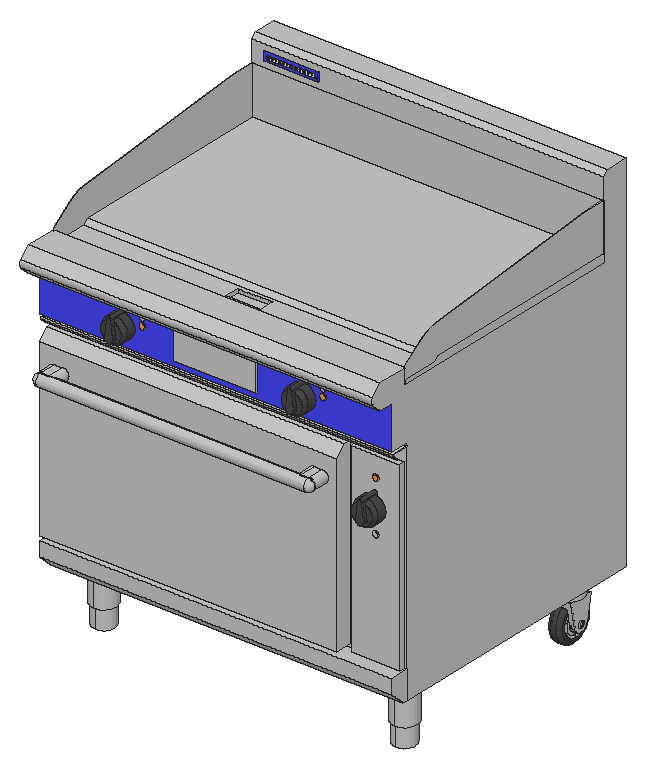
Revit family "QF_MOFFAT_BLUESEAL_CE_GPE506", category Specialty Equipment, Revit 2012
Parameters
  Width = 900 mm
  Weight in Pounds = 336  # constant formula
  Watts = 6500 W
  Volts = 400 V
  URL Cutsheet = "www.moffat.com"
  URL = "www.moffat.com"
  Type Mark [instance] = ""
  Status [instance] = ""
  Specification by User [instance] = ""
  Specification by Manufacturer = ""
  Show Logo [instance] = yes
  Show Clearance [instance] = yes
  Show Casters [instance] = yes
  Serial Number = ""
  Seismic Rating = ""
  SMACNA No = ""
  Revision Code [instance] = ""
  Phase = 3
  Omniclass Number and Title = ""
  Number of Poles [instance] = 1
  NAFEM Spec ID Number = ""
  Model = "GPE506"
  Min Ckt Ampacity = 0 A
  Mechanical Remarks = ""
  Mechanical Connection Type = ""
  Max Overcurrent Protection = 0 A
  Masterspec = ""
  Manufacturer = "MOFFAT BLUESEAL"
  Legs [instance] = no
  Item Number [instance] = ""
  Installed By [instance] = ""
  Identify Quantity as Lot [instance] = yes
  Height = 1085 mm
  HP = ""
  Gas Size = 3/4"
  Gas RI Height [instance] = 0 mm
  Gas KW = 23
  Gas Input = 78500.0 Btu/h
  Gas Connection Height = 0 mm
  Furnished By [instance] = ""
  Foodservice Equipment Identifier [instance] = yes
  FL Amps = 9.4 A
  Electrical Remarks [instance] = "9.4A PER PHASE"
  Electric Connection Type [instance] = ""
  Elec Conn RI Height [instance] = 0 mm
  Elec Conn Connection Height [instance] = 0 mm
  Description = "900MM GAS RANGE AND ELECTRIC STATIC WITH CONVECTION OVEN"
  Depth = 812 mm
  Cycle = 50 Hz
  Conn Plug = ""
  Conn Conduit = yes
  CSI MasterFormat = ""
  CSI Master Format = ""
  Body Finish = QF_Finishes_Stainless Steel
  Apparent Power = if(Phase = 3, Volts * FL Amps * 1.73, Volts * FL Amps)  # 6504.8 VA
Reference planes
  plane 1 "BACK": y = 0
  plane 2: z = 0
  plane 3 "LEFT": x = 0
  plane 4 "RIGHT": x = 900
  plane 5 "FRONT": y = -812
  plane 6 "TOP": z = 970
  plane 7 "Center Y": x = 450
  plane 8 "Center X": y = -406
  plane 9: x = 280
  plane 10: x = 834.5
  plane 11: y = -32
  plane 12: z = 1085
  plane 13: z = 150
  plane 14: z = 740
  plane 15: x = 65.5
  plane 16: y = -100
  plane 17: y = -625
Forms (mm)
  Extrusion 1, solid, material "QF_Finishes_Stainless Steel" <- "Body Finish"
    sketch origin (0, 0, 0) x (0, 1, 0) y (0, 0, 1)
      loop
        line (0, 150) -> (0, 1085) -> (-58.9, 1085) -> (-70, 1073.9) -> (-70, 876.94) -> (-704.45, 876.94) -> (-704.45, 915) -> (-784.74, 915) -> (-808.31, 891.429)
        arc (-808.31, 891.429) -> (-812.002, 882.517) -> (-808.31, 873.604) r 12.604
        line (-808.31, 873.604) -> (-785.265, 850.559) -> (-748.2, 850.559) -> (-748.2, 740.5) -> (-699.05, 740.5) -> (-699.05, 150) -> (0, 150)
      loop
        line (-700.429, 732.9) -> (-743.335, 732.9)
        arc (-743.335, 732.9) -> (-745.599, 731.388) -> (-745.068, 728.718) r 2.45
        line (-745.068, 728.718) -> (-730.865, 714.515) -> (-730.158, 715.222) -> (-744.36, 729.425)
        arc (-744.36, 729.425) -> (-744.675, 731.005) -> (-743.335, 731.9) r 1.45
        line (-743.335, 731.9) -> (-700.429, 731.9) -> (-700.429, 732.9)
      loop
        line (-713.1, 150) -> (-699.5, 150) -> (-699.5, 221.7) -> (-748.5, 221.7) -> (-748.5, 185.4) -> (-713.1, 150)
    from 0 to 900
  Extrusion 2, solid, material "QF_Finishes_Stainless Steel"
    sketch origin (0, 0, 0) x (0, 1, 0) y (0, 0, 1)
      loop
        line (-724.715, 700.925) -> (-748.715, 676.925) -> (-748.715, 233.675) -> (-708.715, 233.675) -> (-708.715, 700.925) -> (-724.715, 700.925)
    from 0 to 760
  Extrusion 3, solid, material "QF_Finishes_Stainless Steel"
    sketch origin (723.5, 0, 0) x (0, 1, 0) y (0, 0, 1)
      loop
        line (-708.715, 700) -> (-721, 700) -> (-721, 227.5) -> (-708.715, 227.5) -> (-708.715, 700)
    from 51.5 to 176.5
  Revolve 4, solid, material "QF_Finishes_Stainless Steel" <- "Body Finish"
    sketch origin (834.5, -696.126, 0) x (0, 1, 0) y (0, 0, -1)
      loop
        line (39.376, -150) -> (71.126, -150) -> (71.126, 0) -> (43.626, 0) -> (43.626, -50) -> (39.376, -50) -> (39.376, -150)
      axis (71.126, -150) -> (71.126, 0)
    angle from 0 to 360
  Revolve 5, solid, material "QF_Finishes_Stainless Steel" <- "Body Finish"
    sketch origin (65.5, -696.126, 0) x (0, 1, 0) y (0, 0, 1)
      loop
        line (39.376, 150) -> (39.376, 50) -> (43.626, 50) -> (43.626, 0) -> (71.126, 0) -> (71.126, 150) -> (39.376, 150)
      axis (71.126, 150) -> (71.126, 0)
    angle from 0 to 360
  Extrusion 6, solid, material "QF_Finishes_Stainless Steel"
    sketch origin (0, 0, 740) x (0, 1, 0) y (1, 0, 0)
      loop
        circle (-32, 770) r 10
    from 0 to -3
  Revolve 7, solid, material "QF_Finishes_Black"
    sketch origin (837.495, 73.874, -213.6) x (0, 1, 0) y (0, 0, 1)
      loop
        line (-827.874, 829.5) -> (-838.874, 823.651) -> (-838.874, 797) -> (-794.874, 797) -> (-794.874, 802) -> (-804.874, 802) -> (-804.874, 829.5) -> (-827.874, 829.5)
      axis (-838.874, 797) -> (-794.874, 797)
    angle from 0 to 360
  Extrusion 8, solid, material "QF_Finishes_Black"
    sketch origin (689.688, 35, -213.6) x (1, 0, 0) y (0, 0, 1)
      loop
        line (158.226, 786.195) -> (152.806, 829.113)
        arc (152.806, 829.113) -> (147.807, 834) -> (142.808, 829.113) r 5
        line (142.808, 829.113) -> (137.319, 785.028)
        arc (137.319, 785.028) -> (148.391, 774.529) -> (158.226, 786.195) r 10.487
    from 759 to 808
  Extrusion 9, solid, material "QF_Door-Drawer Clearances", visible <- "Show Clearance", detail levels coarse
    sketch origin (0, 0, 0) x (0, -1, 0) y (0, 0, 1)
      loop
        line (748.715, 703.522) -> (748.715, 233.675) -> (1218.562, 233.675)
        arc (1218.562, 233.675) -> (1080.947, 565.907) -> (748.715, 703.522) r 469.847
    from 0 to -760
  Extrusion 10, void
    sketch origin (0, 0, 222.5) x (1, 0, 0) y (0, 1, 0)
      loop
        line (824, -87) -> (824, 0) -> (694, 0) -> (694, -39) -> (744, -87) -> (824, -87)
    from 0 to 517.5
  Extrusion 11, solid, material "QF_Finishes_Stainless Steel"
    sketch origin (0, -749, 227.5) x (0, 0, 1) y (-1, 0, 0)
      loop
        line (380.625, -38.246) -> (380.625, -58.528)
        arc (380.625, -58.528) -> (395.625, -73.528) -> (410.625, -58.528) r 15
        line (410.625, -58.528) -> (410.625, -38.246)
        arc (410.625, -38.246) -> (395.625, -23.246) -> (380.625, -38.246) r 15
      loop
        arc (380.625, -723.039) -> (395.625, -738.039) -> (410.625, -723.039) r 15
        line (410.625, -723.039) -> (410.625, -702.757)
        arc (410.625, -702.757) -> (395.625, -687.757) -> (380.625, -702.757) r 15
        line (380.625, -702.757) -> (380.625, -723.039)
    from 0 to 44
  Revolve 12, solid, material "QF_Finishes_Stainless Steel"
    sketch origin (0, -793, 0) x (1, 0, 0) y (0, 0, 1)
      loop
        arc (738.039, 623.125) -> (733.646, 633.732) -> (723.039, 638.125) r 15
        line (723.039, 638.125) -> (38.246, 638.125)
        arc (38.246, 638.125) -> (27.64, 633.732) -> (23.246, 623.125) r 15
        line (23.246, 623.125) -> (738.039, 623.125)
      axis (738.039, 623.125) -> (23.246, 623.125)
    angle from 0 to 360
  Revolve 13, solid, material "QF_Finishes_Black"
    sketch origin (217.5, 14.8, 598.3) x (0, 1, 0) y (0, 0, -1)
      loop
        line (-796, -229.5) -> (-773, -229.5) -> (-773, -202) -> (-763, -202) -> (-763, -197) -> (-807, -197) -> (-807, -223.651) -> (-796, -229.5)
      axis (-807, -197) -> (-763, -197)
    angle from 0 to 360
  Extrusion 14, solid, material "QF_Finishes_Black"
    sketch origin (355.77, 7.8, 598.458) x (-1, 0, 0) y (0, 0, -1)
      loop
        line (127.85, -186.037) -> (133.271, -228.955)
        arc (133.271, -228.955) -> (138.27, -233.842) -> (143.268, -228.955) r 5
        line (143.268, -228.955) -> (148.757, -184.87)
        arc (148.757, -184.87) -> (137.685, -174.371) -> (127.85, -186.037) r 10.487
    from 759 to 808
  Extrusion 15, solid, material "QF_Finishes_Stainless Steel"
    sketch origin (-295, -748.2, 866) x (0, 0, -1) y (1, 0, 0)
      loop
        line (24, 640) -> (110.5, 640) -> (110.5, 850) -> (24, 850) -> (24, 640)
    from 0 to 2.5
  Extrusion 16, solid, material "QF_Finishes_Stainless Steel"
    sketch origin (-295, -750.7, 866) x (0, 0, -1) y (1, 0, 0)
      loop
        line (31, 850) -> (24, 850) -> (24, 640) -> (31, 640) -> (31, 850)
    from 0 to 5
  Revolve 17, solid, material "QF_Finishes_Black"
    sketch origin (680.116, 14.8, 598.3) x (0, 1, 0) y (0, 0, 1)
      loop
        line (-796, 229.5) -> (-807, 223.651) -> (-807, 197) -> (-763, 197) -> (-763, 202) -> (-773, 202) -> (-773, 229.5) -> (-796, 229.5)
      axis (-807, 197) -> (-763, 197)
    angle from 0 to 360
  Extrusion 18, solid, material "QF_Finishes_Black"
    sketch origin (541.846, 7.8, 598.458) x (1, 0, 0) y (0, 0, 1)
      loop
        line (148.689, 186.037) -> (143.268, 228.955)
        arc (143.268, 228.955) -> (138.27, 233.842) -> (133.271, 228.955) r 5
        line (133.271, 228.955) -> (127.782, 184.87)
        arc (127.782, 184.87) -> (138.854, 174.371) -> (148.689, 186.037) r 10.487
    from 759 to 808
  Extrusion 19, solid, material "QF_Finishes_Orange"
    sketch origin (0, -748.2, 866) x (0, 0, -1) y (1, 0, 0)
      loop
        circle (60.7, 725.121) r 7.15
      loop
        circle (60.7, 262.505) r 7.15
    from 0 to 1
  Extrusion 20, solid, material "QF_Finishes_Stainless Steel"
    sketch origin (0, -748.2, 866) x (0, 0, -1) y (1, 0, 0)
      loop
        circle (40.7, 725.121) r 7.15
      loop
        circle (40.7, 262.505) r 7.15
    from 0 to 1
  Revolve 21, solid, material "QF_Finishes_Stainless Steel", visible <- "Legs"
    sketch origin (834.5, -210, 0) x (0, 1, 0) y (0, 0, -1)
      loop
        line (78.25, -150) -> (110, -150) -> (110, 0) -> (82.5, 0) -> (82.5, -50) -> (78.25, -50) -> (78.25, -150)
      axis (110, -150) -> (110, 0)
    angle from 0 to 360
  Revolve 22, solid, material "QF_Finishes_Stainless Steel", visible <- "Legs"
    sketch origin (65, -210, 0) x (0, 1, 0) y (0, 0, -1)
      loop
        line (78.25, -150) -> (110, -150) -> (110, 0) -> (82.5, 0) -> (82.5, -50) -> (78.25, -50) -> (78.25, -150)
      axis (110, -150) -> (110, 0)
    angle from 0 to 360
  Revolve 23, solid, material "QF_Finishes_Stainless Steel", visible <- "Legs"
    sketch origin (65.5, -166, 0) x (0, 1, 0) y (0, 0, 1)
      loop
        line (34.25, 150) -> (34.25, 50) -> (38.5, 50) -> (38.5, 0) -> (66, 0) -> (66, 150) -> (34.25, 150)
      axis (66, 150) -> (66, 0)
    angle from 0 to 360
  Revolve 24, solid, material "QF_Finishes_Stainless Steel", visible <- "Legs"
    sketch origin (835, -166, 0) x (0, 1, 0) y (0, 0, -1)
      loop
        line (34.25, -150) -> (66, -150) -> (66, 0) -> (38.5, 0) -> (38.5, -50) -> (34.25, -50) -> (34.25, -150)
      axis (66, -150) -> (66, 0)
    angle from 0 to 360
  Revolve 25, solid, material "QF_Finishes_Stainless Steel", visible <- "Show Casters"
    sketch origin (16.276, -100.755, -13.653) x (1, 0, 0) y (0, 0, 1)
      loop
        line (14.841, 63.604) -> (83.584, 63.604) -> (83.584, 67.109) -> (82.314, 68.379) -> (80.79, 68.379) -> (80.79, 71.826) -> (68.644, 71.826) -> (68.644, 81.79) -> (65.088, 83.843) -> (63.738, 92.179) -> (65.881, 92.179) -> (65.881, 98.529) -> (65.088, 98.529) -> (65.088, 104.879)
        arc (65.088, 104.879) -> (62.298, 111.614) -> (55.563, 114.404) r 9.525
        line (55.563, 114.404) -> (42.863, 114.404)
        arc (42.863, 114.404) -> (36.127, 111.614) -> (33.338, 104.879) r 9.525
        line (33.338, 104.879) -> (33.338, 98.529) -> (32.544, 98.529) -> (32.544, 92.179) -> (34.687, 92.179) -> (33.352, 83.932) -> (29.782, 81.871) -> (29.782, 71.826) -> (17.635, 71.826) -> (17.635, 68.379) -> (16.111, 68.379) -> (14.841, 67.109) -> (14.841, 63.604)
      axis (14.841, 63.604) -> (83.584, 63.604)
    angle from 0 to 360
  Extrusion 26, solid, material "QF_Finishes_Stainless Steel", visible <- "Show Casters"
    sketch origin (72.001, 132.353, -8.783) x (0, 1, 0) y (0, 0, 1)
      loop
        line (-200.603, 118.783) -> (-264.103, 118.783) -> (-251.746, 53.895)
        arc (-251.746, 53.895) -> (-232.353, 38.783) -> (-212.959, 53.895) r 20
        line (-212.959, 53.895) -> (-200.603, 118.783)
    from -35.667 to 22.923
  Revolve 27, solid, material "QF_Finishes_Stainless Steel", visible <- "Show Casters"
    sketch origin (65.5, -204, 0) x (0, 1, 0) y (0, 0, 1)
      loop
        line (68.25, 150) -> (68.25, 110) -> (104, 110) -> (104, 150) -> (68.25, 150)
      axis (104, 150) -> (104, 110)
    angle from 0 to 360
  Revolve 28, solid, material "QF_Finishes_Stainless Steel", visible <- "Legs"
    sketch origin (65.5, -166, 0) x (0, 1, 0) y (0, 0, 1)
      loop
        line (34.25, 150) -> (34.25, 50) -> (38.5, 50) -> (38.5, 0) -> (66, 0) -> (66, 150) -> (34.25, 150)
      axis (66, 150) -> (66, 0)
    angle from 0 to 360
  Extrusion 29, solid, material "QF_Finishes_Stainless Steel", visible <- "Show Casters"
    sketch origin (841.501, 132.353, -8.783) x (0, 1, 0) y (0, 0, 1)
      loop
        line (-200.603, 118.783) -> (-264.103, 118.783) -> (-251.746, 53.895)
        arc (-251.746, 53.895) -> (-232.353, 38.783) -> (-212.959, 53.895) r 20
        line (-212.959, 53.895) -> (-200.603, 118.783)
    from -35.667 to 22.923
  Revolve 30, solid, material "QF_Finishes_Stainless Steel", visible <- "Show Casters"
    sketch origin (835, -204, 0) x (0, 1, 0) y (0, 0, 1)
      loop
        line (68.25, 150) -> (68.25, 110) -> (104, 110) -> (104, 150) -> (68.25, 150)
      axis (104, 150) -> (104, 110)
    angle from 0 to 360
  Revolve 31, solid, material "QF_Finishes_Stainless Steel", visible <- "Show Casters"
    sketch origin (786.276, -100.755, -13.653) x (1, 0, 0) y (0, 0, 1)
      loop
        line (14.841, 63.604) -> (83.584, 63.604) -> (83.584, 67.109) -> (82.314, 68.379) -> (80.79, 68.379) -> (80.79, 71.826) -> (68.644, 71.826) -> (68.644, 81.79) -> (65.088, 83.843) -> (63.738, 92.179) -> (65.881, 92.179) -> (65.881, 98.529) -> (65.088, 98.529) -> (65.088, 104.879)
        arc (65.088, 104.879) -> (62.298, 111.614) -> (55.563, 114.404) r 9.525
        line (55.563, 114.404) -> (42.863, 114.404)
        arc (42.863, 114.404) -> (36.127, 111.614) -> (33.338, 104.879) r 9.525
        line (33.338, 104.879) -> (33.338, 98.529) -> (32.544, 98.529) -> (32.544, 92.179) -> (34.687, 92.179) -> (33.352, 83.932) -> (29.782, 81.871) -> (29.782, 71.826) -> (17.635, 71.826) -> (17.635, 68.379) -> (16.111, 68.379) -> (14.841, 67.109) -> (14.841, 63.604)
      axis (14.841, 63.604) -> (83.584, 63.604)
    angle from 0 to 360
  Extrusion 32, solid, material "QF_Finishes_Stainless Steel"
    sketch origin (723.5, -721, 700) x (0, 0, -1) y (1, 0, 0)
      loop
        circle (181.6, 114) r 7.15
    from 0 to 1
  Extrusion 33, solid, material "QF_Finishes_Orange"
    sketch origin (723.5, -721, 700) x (0, 0, -1) y (1, 0, 0)
      loop
        circle (51.6, 114) r 7.15
    from 0 to 1
  Extrusion 34, solid, material "QF_Finishes_Stainless Steel"
    sketch origin (0, -703.73, 150) x (1, 0, 0) y (0, -1, 0)
      loop
        circle (875, -245.73) r 9.5
      loop
        circle (831, -219.73) r 9.5
    from 0 to 1
Cuts and joins
  Extrusion 10 cuts Extrusion 1
Lines and regions (mm)
  Split face 1
    outline origin (900, 0, 1085) x (-1, 0, 0) y (0, -1, 0)
      loop
        arc (44, 45.385) -> (35.34, 40.385) -> (35.34, 30.385) r 10
        line (35.34, 30.385) -> (39.381, 23.385)
        arc (39.381, 23.385) -> (43.041, 19.725) -> (48.041, 18.385) r 10
        line (48.041, 18.385) -> (276, 18.385)
        arc (276, 18.385) -> (284.66, 23.385) -> (284.66, 33.385) r 10
        line (284.66, 33.385) -> (280.619, 40.385)
        arc (280.619, 40.385) -> (276.959, 44.045) -> (271.959, 45.385) r 10
        line (271.959, 45.385) -> (44, 45.385)
  Split face 2
    outline origin (900, 0, 1085) x (-1, 0, 0) y (0, -1, 0)
      loop
        arc (334, 45.385) -> (325.34, 40.385) -> (325.34, 30.385) r 10
        line (325.34, 30.385) -> (329.381, 23.385)
        arc (329.381, 23.385) -> (333.041, 19.725) -> (338.041, 18.385) r 10
        line (338.041, 18.385) -> (566, 18.385)
        arc (566, 18.385) -> (574.66, 23.385) -> (574.66, 33.385) r 10
        line (574.66, 33.385) -> (570.619, 40.385)
        arc (570.619, 40.385) -> (566.959, 44.045) -> (561.959, 45.385) r 10
        line (561.959, 45.385) -> (334, 45.385)
  Split face 3
    outline origin (900, 0, 1085) x (-1, 0, 0) y (0, -1, 0)
      loop
        arc (624, 45.385) -> (615.34, 40.385) -> (615.34, 30.385) r 10
        line (615.34, 30.385) -> (619.381, 23.385)
        arc (619.381, 23.385) -> (623.041, 19.725) -> (628.041, 18.385) r 10
        line (628.041, 18.385) -> (856, 18.385)
        arc (856, 18.385) -> (864.66, 23.385) -> (864.66, 33.385) r 10
        line (864.66, 33.385) -> (860.619, 40.385)
        arc (860.619, 40.385) -> (856.959, 44.045) -> (851.959, 45.385) r 10
        line (851.959, 45.385) -> (624, 45.385)
  symbolic lines, style "QF_Door-Drawer Clearances", visible <- "Show Clearance"
    curve 1: line (0, -1218.562, 0) -> (0, -812, 0)
    curve 2: line (0, -1218.562, 0) -> (760, -1218.562, 0)
    curve 3: line (760, -1218.562, 0) -> (760, -812, 0)
  symbolic lines, style "SpecialityEquipmentHiddenLines", visible <- "Show Casters"
    curve 4: line (78.456, -46.735, 0) -> (105.952, -62.61, 0)
    curve 5: line (27.656, -134.723, 0) -> (78.456, -46.735, 0)
    curve 6: line (55.152, -150.598, 0) -> (27.656, -134.723, 0)
    curve 7: line (105.952, -62.61, 0) -> (55.152, -150.598, 0)
    curve 8: line (824.652, -150.598, 0) -> (797.156, -134.723, 0)
    curve 9: line (875.452, -62.61, 0) -> (824.652, -150.598, 0)
    curve 10: line (847.956, -46.735, 0) -> (797.156, -134.723, 0)
    curve 11: line (875.452, -62.61, 0) -> (847.956, -46.735, 0)
  symbolic lines
    curve 12: line (44, -18.385, 0) -> (271.959, -18.385, 0)
    curve 13: arc (271.959, -18.385, 0) -> (276.959, -19.725, 0) -> (280.619, -23.385, 0) r 10
    curve 14: line (280.619, -23.385, 0) -> (284.66, -30.385, 0)
    curve 15: arc (284.66, -30.385, 0) -> (284.66, -40.385, 0) -> (276, -45.385, 0) r 10
    curve 16: line (276, -45.385, 0) -> (48.041, -45.385, 0)
    curve 17: arc (48.041, -45.385, 0) -> (43.041, -44.045, 0) -> (39.381, -40.385, 0) r 10
    curve 18: line (39.381, -40.385, 0) -> (35.34, -33.385, 0)
    curve 19: arc (35.34, -33.385, 0) -> (35.34, -23.385, 0) -> (44, -18.385, 0) r 10
    curve 20: line (334, -18.385, 0) -> (561.959, -18.385, 0)
    curve 21: arc (561.959, -18.385, 0) -> (566.959, -19.725, 0) -> (570.619, -23.385, 0) r 10
    curve 22: line (570.619, -23.385, 0) -> (574.66, -30.385, 0)
    curve 23: arc (574.66, -30.385, 0) -> (574.66, -40.385, 0) -> (566, -45.385, 0) r 10
    curve 24: line (566, -45.385, 0) -> (338.041, -45.385, 0)
    curve 25: arc (338.041, -45.385, 0) -> (333.041, -44.045, 0) -> (329.381, -40.385, 0) r 10
    curve 26: line (329.381, -40.385, 0) -> (325.34, -33.385, 0)
    curve 27: arc (325.34, -33.385, 0) -> (325.34, -23.385, 0) -> (334, -18.385, 0) r 10
    curve 28: line (851.959, -18.385, 0) -> (624, -18.385, 0)
    curve 29: arc (624, -18.385, 0) -> (615.34, -23.385, 0) -> (615.34, -33.385, 0) r 10
    curve 30: line (615.34, -33.385, 0) -> (619.381, -40.385, 0)
    curve 31: arc (619.381, -40.385, 0) -> (623.041, -44.045, 0) -> (628.041, -45.385, 0) r 10
    curve 32: line (628.041, -45.385, 0) -> (856, -45.385, 0)
    curve 33: arc (856, -45.385, 0) -> (864.66, -40.385, 0) -> (864.66, -30.385, 0) r 10
    curve 34: line (864.66, -30.385, 0) -> (860.619, -23.385, 0)
    curve 35: arc (860.619, -23.385, 0) -> (856.959, -19.725, 0) -> (851.959, -18.385, 0) r 10
    curve 36: line (900, 0, 0) -> (0, 0, 0)
    curve 37: line (0, 0, 0) -> (0, -812, 0)
    curve 38: line (900, -812, 0) -> (900, 0, 0)
    curve 39: line (0, -784.7, 0) -> (900, -784.7, 0)
    curve 40: line (0, -812, 0) -> (900, -812, 0)
    curve 41: line (0, -58.9, 0) -> (900, -58.9, 0)
    curve 42: line (0, -70, 0) -> (900, -70, 0)
Dimensions and locks
  equal spacing: plane 3 "LEFT", plane 7 "Center Y", plane 4 "RIGHT"
  "Width": plane 3 "LEFT" to plane 4 "RIGHT"
  equal spacing: plane 5 "FRONT", plane 8 "Center X", plane 1 "BACK"
  plane 5 "FRONT" to plane 1 "BACK" = 812 mm  (x2)
  equal spacing: plane 4 "RIGHT", plane 7 "Center Y", plane 3 "LEFT"
  plane 4 "RIGHT" to plane 3 "LEFT" = 900 mm
  plane 6 "TOP" to plane 2 = 970 mm
  plane 12 to plane 2 = 1085 mm
  plane 13 to plane 2 = 150 mm
  plane 14 to plane 2 = 740 mm
  Revolve 25 sketch curve to Revolve 25 sketch curve = 50.8 mm
  Revolve 31 sketch curve to Revolve 31 sketch curve = 50.8 mm
  cut or joined group of Extrusion 1, Extrusion 10 to plane 2 = 915 mm
  aligned and locked: level to plane 2
Automatic sketch dimensions
  Extrusion 2 sketch curve to plane 5 "FRONT" = 63.285 mm  (x2)
  Extrusion 2 sketch curve to Extrusion 2 sketch curve = 24 mm
  Extrusion 2 sketch curve to Extrusion 2 sketch curve = 40 mm
  Extrusion 2 sketch curve to plane 13 = 83.675 mm
  Extrusion 2 sketch curve to plane 14 = 63.075 mm
  Extrusion 2 sketch curve to plane 14 = 39.075 mm
  Extrusion 3 sketch curve to plane 14 = 40 mm
  Extrusion 3 sketch curve to plane 5 "FRONT" = 91 mm
  Extrusion 3 sketch curve to Extrusion 3 sketch curve = 12.285 mm  (x2)
  Extrusion 3 sketch curve to plane 13 = 77.5 mm
  plane 13 to Revolve 4 sketch curve = 0 mm
  Revolve 4 sketch curve to level = 0 mm
  Revolve 4 sketch curve to plane 17 = 0 mm  (x2)
  Revolve 4 sketch curve to Revolve 4 sketch curve = 27.5 mm
  plane 17 to Revolve 4 sketch curve = 31.75 mm
  level to Revolve 4 sketch curve = 50 mm
  Revolve 4 sketch curve to Revolve 4 sketch curve = 0 mm
  Revolve 4 sketch curve to Revolve 4 sketch curve = 55 mm
  plane 13 to Revolve 5 sketch curve = 0 mm
  Revolve 5 sketch curve to level = 0 mm
  Revolve 5 sketch curve to plane 17 = 0 mm  (x2)
  Revolve 5 sketch curve to Revolve 5 sketch curve = 27.5 mm
  plane 17 to Revolve 5 sketch curve = 31.75 mm
  Revolve 5 sketch curve to level = 55 mm
  Revolve 5 sketch curve to Revolve 5 sketch curve = 50 mm
  Revolve 5 sketch curve to Revolve 5 sketch curve = 0 mm
  Extrusion 10 to Extrusion 6 sketch curve = 32 mm
  Extrusion 10 to Extrusion 6 sketch curve = 54 mm
  Revolve 7 sketch curve to plane 5 "FRONT" = 47 mm
  Revolve 7 sketch curve to Revolve 7 sketch curve = 0 mm  (x2)
  Revolve 7 sketch curve to Revolve 7 sketch curve = 11 mm
  Revolve 7 sketch curve to Revolve 7 sketch curve = 12.7 mm
  Revolve 7 sketch curve to Revolve 7 sketch curve = 23 mm
  Revolve 7 sketch curve to Revolve 7 sketch curve = 10 mm
  Revolve 7 sketch curve to plane 14 = 156.6 mm
  Revolve 7 sketch curve to Revolve 7 sketch curve = 5 mm
  Revolve 7 sketch curve to Revolve 7 sketch curve = 26.651 mm
  Revolve 7 sketch curve to Revolve 7 sketch curve = 5.849 mm
  Extrusion 8 sketch curve to plane 10 = 7.492 mm
  Extrusion 8 sketch curve to plane 10 = 2.003 mm
  plane 10 to Extrusion 8 sketch curve = 2.995 mm  (x2)
  Extrusion 8 sketch curve to Extrusion 8 sketch curve = 4.999 mm
  Extrusion 8 sketch curve to Extrusion 8 sketch curve = 10.419 mm
  Extrusion 8 sketch curve to plane 14 = 168.6 mm
  Extrusion 8 sketch curve to Extrusion 8 sketch curve = 0.028 mm
  Extrusion 8 sketch curve to Extrusion 8 sketch curve = 44 mm
  Extrusion 8 sketch curve to Extrusion 8 sketch curve = 0.113 mm
  Extrusion 9 sketch curve to plane 5 "FRONT" = 63.285 mm
  Extrusion 9 sketch curve to plane 13 = 83.675 mm
  plane 5 "FRONT" to Extrusion 9 sketch curve = 406.562 mm
  plane 1 "BACK" to Extrusion 10 sketch curve = 0 mm
  Extrusion 10 sketch curve to plane 11 = 7 mm
  Extrusion 10 sketch curve to plane 10 = 140.5 mm
  Extrusion 10 sketch curve to plane 16 = 13 mm
  Extrusion 10 sketch curve to Extrusion 10 sketch curve = 50 mm
  Extrusion 10 sketch curve to plane 10 = 10.5 mm
  Extrusion 11 sketch curve to plane 15 = 6.972 mm
  Extrusion 11 sketch curve to plane 14 = 131.875 mm  (x2)
  Extrusion 11 sketch curve to Extrusion 11 sketch curve = 15 mm  (x2)
  Extrusion 11 sketch curve to plane 10 = 131.743 mm
  Extrusion 11 sketch curve to Extrusion 11 sketch curve = 20.282 mm  (x2)
  Revolve 12 sketch curve to plane 3 "LEFT" = 6.961 mm
  plane 3 "LEFT" to Revolve 12 sketch curve = 23.246 mm
  Revolve 12 sketch curve to Revolve 12 sketch curve = 15 mm
  plane 7 "Center Y" to Revolve 12 sketch curve = 138.039 mm
  Revolve 12 sketch curve to plane 10 = 111.461 mm
  Revolve 12 sketch curve to plane 14 = 116.875 mm
  Revolve 12 sketch curve to Revolve 12 sketch curve = 0 mm
  Revolve 13 sketch curve to plane 5 "FRONT" = 19.8 mm
  Revolve 13 sketch curve to Revolve 13 sketch curve = 0 mm  (x2)
  Revolve 13 sketch curve to Revolve 13 sketch curve = 11 mm
  Revolve 13 sketch curve to Revolve 13 sketch curve = 12.7 mm
  Revolve 13 sketch curve to Revolve 13 sketch curve = 23 mm
  Revolve 13 sketch curve to Revolve 13 sketch curve = 10 mm
  plane 14 to Revolve 13 sketch curve = 87.8 mm
  Revolve 13 sketch curve to Revolve 13 sketch curve = 5.849 mm
  Revolve 13 sketch curve to Revolve 13 sketch curve = 27.5 mm
  Revolve 13 sketch curve to Revolve 13 sketch curve = 5 mm
  Extrusion 14 sketch curve to plane 9 = 52.081 mm
  Extrusion 14 sketch curve to Extrusion 14 sketch curve = 5.421 mm
  Extrusion 14 sketch curve to Extrusion 14 sketch curve = 10.419 mm
  Extrusion 14 sketch curve to Extrusion 14 sketch curve = 4.999 mm  (x2)
  Extrusion 14 sketch curve to Extrusion 14 sketch curve = 10.487 mm
  plane 14 to Extrusion 14 sketch curve = 87.413 mm
  Extrusion 14 sketch curve to Extrusion 14 sketch curve = 0.113 mm
  Extrusion 14 sketch curve to Extrusion 14 sketch curve = 42.919 mm
  Extrusion 14 sketch curve to Extrusion 14 sketch curve = 1.167 mm
  plane 14 to Extrusion 15 sketch curve = 102 mm
  plane 14 to Extrusion 15 sketch curve = 15.5 mm
  plane 9 to Extrusion 15 sketch curve = 65 mm
  plane 7 "Center Y" to Extrusion 15 sketch curve = 105 mm
  Extrusion 16 sketch curve to Extrusion 15 = 0 mm  (x2)
  Extrusion 15 to Extrusion 16 sketch curve = 0 mm
  Extrusion 16 sketch curve to Extrusion 15 = 7 mm
  Revolve 17 sketch curve to plane 5 "FRONT" = 19.8 mm
  Revolve 17 sketch curve to Revolve 17 sketch curve = 0 mm  (x2)
  Revolve 17 sketch curve to Revolve 17 sketch curve = 11 mm
  Revolve 17 sketch curve to Revolve 17 sketch curve = 12.7 mm
  Revolve 17 sketch curve to Revolve 17 sketch curve = 23 mm
  Revolve 17 sketch curve to Revolve 17 sketch curve = 10 mm
  plane 14 to Revolve 17 sketch curve = 55.3 mm
  Revolve 17 sketch curve to Revolve 17 sketch curve = 5 mm
  Revolve 17 sketch curve to Revolve 17 sketch curve = 26.651 mm
  Revolve 17 sketch curve to Revolve 17 sketch curve = 5.849 mm
  plane 14 to Extrusion 18 sketch curve = 43.328 mm
  Extrusion 18 sketch curve to plane 10 = 164.871 mm
  Extrusion 18 sketch curve to Extrusion 18 sketch curve = 5.489 mm
  Extrusion 18 sketch curve to Extrusion 18 sketch curve = 4.999 mm  (x2)
  Extrusion 18 sketch curve to Extrusion 18 sketch curve = 10.487 mm
  plane 14 to Extrusion 18 sketch curve = 87.413 mm
  plane 14 to Extrusion 18 sketch curve = 44.495 mm
  Extrusion 18 sketch curve to Extrusion 18 sketch curve = 10.419 mm
  Extrusion 18 sketch curve to Extrusion 18 sketch curve = 0.113 mm
  Extrusion 19 sketch curve to plane 9 = 17.495 mm
  plane 14 to Extrusion 19 sketch curve = 65.3 mm  (x2)
  Extrusion 19 sketch curve to plane 10 = 109.379 mm
  Extrusion 20 sketch curve to plane 9 = 17.495 mm
  plane 14 to Extrusion 20 sketch curve = 85.3 mm  (x2)
  Extrusion 20 sketch curve to plane 10 = 109.379 mm
  plane 13 to Revolve 21 sketch curve = 0 mm
  Revolve 21 sketch curve to level = 0 mm
  Revolve 21 sketch curve to plane 16 = 0 mm  (x2)
  Revolve 21 sketch curve to Revolve 21 sketch curve = 27.5 mm
  Revolve 21 sketch curve to Revolve 21 sketch curve = 31.75 mm
  level to Revolve 21 sketch curve = 50 mm
  Revolve 21 sketch curve to Revolve 21 sketch curve = 0 mm
  Revolve 21 sketch curve to Revolve 21 sketch curve = 55 mm
  plane 13 to Revolve 22 sketch curve = 0 mm
  Revolve 22 sketch curve to level = 0 mm
  Revolve 22 sketch curve to plane 16 = 0 mm  (x2)
  Revolve 22 sketch curve to Revolve 22 sketch curve = 27.5 mm
  Revolve 22 sketch curve to Revolve 22 sketch curve = 31.75 mm
  level to Revolve 22 sketch curve = 50 mm
  Revolve 22 sketch curve to Revolve 22 sketch curve = 0 mm
  Revolve 22 sketch curve to Revolve 22 sketch curve = 55 mm
  plane 13 to Revolve 23 sketch curve = 0 mm
  Revolve 23 sketch curve to level = 0 mm
  Revolve 23 sketch curve to plane 16 = 0 mm  (x2)
  Revolve 23 sketch curve to Revolve 23 sketch curve = 27.5 mm
  Revolve 23 sketch curve to Revolve 23 sketch curve = 31.75 mm
  Revolve 23 sketch curve to Revolve 23 sketch curve = 55 mm
  level to Revolve 23 sketch curve = 50 mm
  Revolve 23 sketch curve to Revolve 23 sketch curve = 0 mm
  plane 13 to Revolve 24 sketch curve = 0 mm
  Revolve 24 sketch curve to level = 0 mm
  Revolve 24 sketch curve to plane 16 = 0 mm  (x2)
  Revolve 24 sketch curve to Revolve 24 sketch curve = 27.5 mm
  plane 16 to Revolve 24 sketch curve = 31.75 mm
  level to Revolve 24 sketch curve = 50 mm
  Revolve 24 sketch curve to Revolve 24 sketch curve = 0 mm
  Revolve 24 sketch curve to Revolve 24 sketch curve = 55 mm
  plane 3 "LEFT" to Revolve 25 sketch curve = 31.118 mm
  Revolve 25 sketch curve to Revolve 25 sketch curve = 1.27 mm  (x4)
  Revolve 25 sketch curve to Revolve 25 sketch curve = 1.524 mm  (x2)
  Revolve 25 sketch curve to Revolve 25 sketch curve = 12.146 mm  (x2)
  Revolve 25 sketch curve to plane 15 = 16.68 mm
  Revolve 25 sketch curve to Revolve 25 sketch curve = 0.794 mm  (x2)
  Revolve 25 sketch curve to Revolve 25 sketch curve = 3.57 mm
  Revolve 25 sketch curve to Revolve 25 sketch curve = 2.143 mm
  Revolve 25 sketch curve to plane 15 = 6.361 mm
  plane 15 to Revolve 25 sketch curve = 5.13 mm
  plane 15 to Revolve 25 sketch curve = 6.339 mm
  plane 15 to Revolve 25 sketch curve = 14.515 mm
  Revolve 25 sketch curve to Revolve 25 sketch curve = 1.349 mm  (x2)
  Revolve 25 sketch curve to Revolve 25 sketch curve = 3.556 mm
  Revolve 25 sketch curve to Revolve 25 sketch curve = 33.32 mm
  level to Revolve 25 sketch curve = 49.952 mm
  Revolve 25 sketch curve to Revolve 25 sketch curve = 0 mm
  Revolve 25 sketch curve to Revolve 25 sketch curve = 3.505 mm  (x2)
  Revolve 25 sketch curve to Revolve 25 sketch curve = 3.447 mm  (x2)
  Revolve 25 sketch curve to Revolve 25 sketch curve = 9.964 mm
  Revolve 25 sketch curve to Revolve 25 sketch curve = 10.045 mm
  Revolve 25 sketch curve to Revolve 25 sketch curve = 2.053 mm
  Revolve 25 sketch curve to Revolve 25 sketch curve = 2.061 mm
  Revolve 25 sketch curve to Revolve 25 sketch curve = 8.247 mm
  Revolve 25 sketch curve to Revolve 25 sketch curve = 8.336 mm
  Revolve 25 sketch curve to Revolve 25 sketch curve = 6.35 mm  (x2)
  Extrusion 26 sketch curve to plane 16 = 0 mm
  plane 16 to Extrusion 26 sketch curve = 19.393 mm
  plane 16 to Extrusion 26 sketch curve = 31.75 mm
  Extrusion 26 sketch curve to plane 16 = 19.393 mm
  Extrusion 26 sketch curve to plane 16 = 31.75 mm
  level to Extrusion 26 sketch curve = 45.111 mm
  Extrusion 26 sketch curve to Extrusion 26 sketch curve = 4.889 mm
  plane 13 to Extrusion 26 sketch curve = 40 mm
  plane 13 to Revolve 27 sketch curve = 0 mm
  Revolve 27 sketch curve to plane 16 = 0 mm  (x2)
  plane 16 to Revolve 27 sketch curve = 35.75 mm
  plane 13 to Revolve 27 sketch curve = 40 mm
  level to Revolve 27 sketch curve = 50 mm
  Revolve 27 sketch curve to level = 55 mm
  plane 13 to Revolve 28 sketch curve = 0 mm
  Revolve 28 sketch curve to level = 0 mm
  Revolve 28 sketch curve to plane 16 = 0 mm  (x2)
  Revolve 28 sketch curve to Revolve 28 sketch curve = 27.5 mm
  Revolve 28 sketch curve to Revolve 28 sketch curve = 31.75 mm
  Revolve 28 sketch curve to Revolve 28 sketch curve = 55 mm
  level to Revolve 28 sketch curve = 50 mm
  Revolve 28 sketch curve to Revolve 28 sketch curve = 0 mm
  Extrusion 29 sketch curve to plane 16 = 0 mm
  plane 16 to Extrusion 29 sketch curve = 19.393 mm
  plane 16 to Extrusion 29 sketch curve = 31.75 mm
  Extrusion 29 sketch curve to plane 16 = 19.393 mm
  Extrusion 29 sketch curve to plane 16 = 31.75 mm
  level to Extrusion 29 sketch curve = 45.111 mm
  Extrusion 29 sketch curve to Extrusion 29 sketch curve = 4.889 mm
  plane 13 to Extrusion 29 sketch curve = 40 mm
  plane 13 to Revolve 30 sketch curve = 0 mm
  Revolve 30 sketch curve to plane 16 = 0 mm  (x2)
  Revolve 30 sketch curve to Revolve 30 sketch curve = 35.75 mm
  plane 13 to Revolve 30 sketch curve = 40 mm
  level to Revolve 30 sketch curve = 50 mm
  Revolve 30 sketch curve to level = 55 mm
  Revolve 31 sketch curve to plane 10 = 33.382 mm
  Revolve 31 sketch curve to Revolve 31 sketch curve = 1.27 mm  (x4)
  Revolve 31 sketch curve to Revolve 31 sketch curve = 1.524 mm  (x2)
  Revolve 31 sketch curve to Revolve 31 sketch curve = 12.146 mm  (x2)
  Revolve 31 sketch curve to plane 10 = 15.68 mm
  Revolve 31 sketch curve to Revolve 31 sketch curve = 0.794 mm  (x2)
  Revolve 31 sketch curve to Revolve 31 sketch curve = 3.57 mm
  Revolve 31 sketch curve to Revolve 31 sketch curve = 2.143 mm
  Revolve 31 sketch curve to plane 10 = 5.361 mm
  plane 10 to Revolve 31 sketch curve = 6.13 mm
  plane 10 to Revolve 31 sketch curve = 7.339 mm
  Revolve 31 sketch curve to Revolve 31 sketch curve = 8.176 mm
  Revolve 31 sketch curve to Revolve 31 sketch curve = 1.349 mm  (x2)
  Revolve 31 sketch curve to Revolve 31 sketch curve = 3.556 mm
  Revolve 31 sketch curve to plane 4 "RIGHT" = 3.18 mm
  level to Revolve 31 sketch curve = 49.952 mm
  Revolve 31 sketch curve to Revolve 31 sketch curve = 0 mm
  Revolve 31 sketch curve to Revolve 31 sketch curve = 3.505 mm  (x2)
  Revolve 31 sketch curve to Revolve 31 sketch curve = 3.447 mm  (x2)
  Revolve 31 sketch curve to Revolve 31 sketch curve = 9.964 mm
  Revolve 31 sketch curve to Revolve 31 sketch curve = 10.045 mm
  Revolve 31 sketch curve to Revolve 31 sketch curve = 2.053 mm
  Revolve 31 sketch curve to Revolve 31 sketch curve = 2.061 mm
  Revolve 31 sketch curve to Revolve 31 sketch curve = 8.247 mm
  Revolve 31 sketch curve to Revolve 31 sketch curve = 8.336 mm
  Revolve 31 sketch curve to Revolve 31 sketch curve = 6.35 mm  (x2)
  Split face 1 sketch curve to cut or joined group of Extrusion 1, Extrusion 10 = 35.34 mm
  Split face 1 sketch curve to Split face 1 sketch curve = 4.041 mm  (x4)
  Split face 1 sketch curve to Split face 1 sketch curve = 8.66 mm  (x2)
  Split face 1 sketch curve to cut or joined group of Extrusion 1, Extrusion 10 = 23.515 mm
  Split face 1 sketch curve to Split face 1 sketch curve = 223.917 mm
  Split face 1 sketch curve to cut or joined group of Extrusion 1, Extrusion 10 = 18.515 mm
  Split face 1 sketch curve to Split face 1 sketch curve = 10 mm
  Split face 1 sketch curve to Split face 1 sketch curve = 7 mm  (x3)
  Split face 2 sketch curve to cut or joined group of Extrusion 1, Extrusion 10 = 28.515 mm
  Split face 2 sketch curve to cut or joined group of Extrusion 1, Extrusion 10 = 325.34 mm
  Split face 2 sketch curve to cut or joined group of Extrusion 1, Extrusion 10 = 23.385 mm
  Split face 2 sketch curve to Split face 2 sketch curve = 4.041 mm  (x4)
  Split face 2 sketch curve to Split face 2 sketch curve = 8.66 mm  (x2)
  Split face 2 sketch curve to cut or joined group of Extrusion 1, Extrusion 10 = 23.515 mm
  Split face 2 sketch curve to Split face 2 sketch curve = 223.917 mm
  Split face 2 sketch curve to cut or joined group of Extrusion 1, Extrusion 10 = 18.515 mm
  Split face 2 sketch curve to Split face 2 sketch curve = 17 mm
  Split face 2 sketch curve to Split face 2 sketch curve = 7 mm
  Split face 3 sketch curve to cut or joined group of Extrusion 1, Extrusion 10 = 28.515 mm
  Split face 3 sketch curve to cut or joined group of Extrusion 1, Extrusion 10 = 284.66 mm
  Split face 3 sketch curve to cut or joined group of Extrusion 1, Extrusion 10 = 23.385 mm
  Split face 3 sketch curve to Split face 3 sketch curve = 4.041 mm  (x4)
  Split face 3 sketch curve to Split face 3 sketch curve = 8.66 mm  (x2)
  Split face 3 sketch curve to cut or joined group of Extrusion 1, Extrusion 10 = 23.515 mm
  Split face 3 sketch curve to cut or joined group of Extrusion 1, Extrusion 10 = 48.041 mm
  Split face 3 sketch curve to cut or joined group of Extrusion 1, Extrusion 10 = 18.515 mm
  Split face 3 sketch curve to Split face 3 sketch curve = 17 mm
  Split face 3 sketch curve to Split face 3 sketch curve = 7 mm
  Extrusion 3 to Extrusion 32 sketch curve = 62.5 mm
  Extrusion 3 to Extrusion 33 sketch curve = 51.6 mm
  Extrusion 3 to Extrusion 33 sketch curve = 62.5 mm
  Extrusion 3 to Extrusion 32 sketch curve = 181.6 mm
  curve 40 to plane 3 "LEFT" = 0 mm
  plane 1 "BACK" to curve 36 = 0 mm
  curve 36 to plane 4 "RIGHT" = 0 mm
  plane 5 "FRONT" to curve 40 = 0 mm
  plane 3 "LEFT" to curve 5 = 27.656 mm
  curve 18 to plane 11 = 1.385 mm
  curve 18 to plane 15 = 30.16 mm
  curve 18 to plane 11 = 8.385 mm
  curve 19 to curve 18 = 4.041 mm
  plane 11 to curve 12 = 13.615 mm
  curve 19 to curve 12 = 8.66 mm
  curve 17 to plane 11 = 3.385 mm
  curve 19 to curve 17 = 4.041 mm
  curve 6 to plane 15 = 10.348 mm
  plane 15 to curve 5 = 12.956 mm
  plane 11 to curve 13 = 3.615 mm
  curve 13 to plane 9 = 8.041 mm
  curve 15 to plane 9 = 4 mm
  plane 9 to curve 14 = 0.619 mm
  plane 11 to curve 14 = 1.615 mm
  plane 9 to curve 14 = 4.66 mm
  curve 27 to plane 11 = 1.385 mm
  curve 14 to curve 27 = 40.679 mm
  curve 26 to curve 25 = 4.041 mm
  plane 11 to curve 27 = 13.615 mm
  curve 27 to curve 27 = 8.66 mm
  curve 25 to plane 11 = 3.385 mm
  curve 27 to curve 25 = 4.041 mm
  plane 7 "Center Y" to curve 20 = 111.959 mm
  curve 23 to plane 11 = 3.385 mm
  curve 21 to curve 23 = 4.041 mm
  plane 11 to curve 22 = 8.615 mm
  curve 21 to curve 22 = 8.66 mm
  plane 11 to curve 22 = 1.615 mm
  curve 21 to curve 22 = 4.041 mm
  curve 30 to plane 11 = 1.385 mm
  curve 22 to curve 30 = 40.679 mm
  curve 30 to plane 11 = 8.385 mm
  curve 30 to curve 30 = 4.041 mm
  curve 29 to curve 29 = 8.66 mm
  curve 31 to plane 11 = 3.385 mm
  curve 29 to curve 31 = 4.041 mm
  curve 2 to plane 10 = 74.5 mm
  curve 10 to plane 10 = 37.344 mm
  curve 8 to plane 10 = 9.848 mm
  plane 10 to curve 10 = 13.456 mm
  plane 11 to curve 35 = 3.615 mm
  plane 10 to curve 35 = 17.459 mm
  curve 10 to curve 32 = 8.044 mm
  plane 11 to curve 34 = 8.615 mm
  curve 35 to curve 34 = 8.66 mm
  plane 11 to curve 34 = 1.615 mm
  curve 34 to curve 34 = 4.041 mm
  curve 1 to curve 1 = 406.562 mm
  curve 39 to plane 5 "FRONT" = 27.3 mm
  plane 16 to curve 9 = 50.598 mm
  plane 16 to curve 7 = 50.598 mm
  curve 6 to curve 6 = 15.875 mm
  curve 8 to curve 10 = 15.875 mm
  Extrusion 1 sketch curve to Extrusion 1 sketch curve = 0 mm  (x2)
  plane 13 to Extrusion 1 sketch curve = 0 mm  (x2)
  Extrusion 1 sketch curve to plane 12 = 0 mm
  Extrusion 1 sketch curve to plane 1 "BACK" = 0 mm
  Extrusion 1 sketch curve to plane 5 "FRONT" = 3.69 mm  (x2)
  Extrusion 1 sketch curve to Extrusion 1 sketch curve = 8.913 mm  (x2)
  Extrusion 1 sketch curve to plane 5 "FRONT" = 26.735 mm
  Extrusion 1 sketch curve to plane 5 "FRONT" = 27.26 mm
  Extrusion 1 sketch curve to plane 5 "FRONT" = 63.5 mm
  plane 14 to Extrusion 1 sketch curve = 0.5 mm
  Extrusion 1 sketch curve to plane 5 "FRONT" = 63.8 mm
  Extrusion 1 sketch curve to plane 14 = 11.282 mm
  Extrusion 1 sketch curve to Extrusion 1 sketch curve = 3.132 mm
  Extrusion 1 sketch curve to plane 14 = 10.575 mm
  Extrusion 1 sketch curve to Extrusion 1 sketch curve = 0.707 mm
  Extrusion 1 sketch curve to Extrusion 1 sketch curve = 1.025 mm
  Extrusion 1 sketch curve to plane 14 = 25.485 mm
  Extrusion 1 sketch curve to Extrusion 1 sketch curve = 14.202 mm
  Extrusion 1 sketch curve to Extrusion 1 sketch curve = 35.4 mm
  Extrusion 1 sketch curve to Extrusion 1 sketch curve = 43.75 mm
  Extrusion 1 sketch curve to plane 14 = 8.1 mm
  Extrusion 1 sketch curve to Extrusion 1 sketch curve = 29.729 mm
  Extrusion 1 sketch curve to Extrusion 1 sketch curve = 49 mm
  Extrusion 1 sketch curve to Extrusion 1 sketch curve = 0.45 mm
  Extrusion 1 sketch curve to plane 16 = 30 mm
  Extrusion 1 sketch curve to Extrusion 1 sketch curve = 11.1 mm
  Extrusion 1 sketch curve to plane 13 = 35.4 mm
  Extrusion 1 sketch curve to Extrusion 1 sketch curve = 36.3 mm
  Extrusion 1 sketch curve to Extrusion 1 sketch curve = 23.045 mm
  Extrusion 1 sketch curve to plane 6 "TOP" = 93.06 mm
  Extrusion 1 sketch curve to Extrusion 1 sketch curve = 38.06 mm
  Extrusion 1 sketch curve to plane 12 = 11.1 mm
  Extrusion 1 sketch curve to Extrusion 1 sketch curve = 26.381 mm
  curve 41 to plane 11 = 26.9 mm
  curve 42 to curve 41 = 11.1 mm
  Extrusion 34 sketch curve to Extrusion 1 = 69 mm
  Extrusion 34 sketch curve to Extrusion 1 = 25 mm
  Extrusion 34 sketch curve to Extrusion 1 = 458 mm
  Extrusion 34 sketch curve to Extrusion 1 = 215.05 mm
  radius of Extrusion 6 sketch curve = 10 mm
  radius of Extrusion 19 sketch curve = 7.15 mm  (x2)
  radius of Extrusion 20 sketch curve = 7.15 mm  (x2)
  radius of Extrusion 32 sketch curve = 7.15 mm
  radius of Extrusion 33 sketch curve = 7.15 mm
  radius of Extrusion 34 sketch curve = 9.5 mm  (x2)
Nested families
  nested 1: "ELECTRIC GRIDDLE PLATE" at (0, -70.003, 876.44), type "ELECTRIC GRIDDLE PLATE"
    with Type Mark "", Status "", Specification by User "", Revision Code "", Item Number "", Installed By "", Identify Quantity as Lot yes, Furnished By "", Foodservice Equipment Identifier yes
  nested 2: "WALDORF LOGO_FACE BASE" at (31.993, -70, 1057.385) x (1, 0, 0) z (0, -1, 0), visible <- "Show Logo", type "WALDORF LOGO_FACE BASE", detail levels medium+fine
    with Show Logo yes
Connectors
  electrical at (770, -32, 743), driven by "Watts", driven by "Volts"
    settings: on Extrusion 6, index 1, voltage 400 V, apparent load 6500 VA, apparent load phase1 0 VA, apparent load phase2 0 VA, apparent load phase3 0 VA, power factor 1, load classification "Other", number of poles 1, system type 30, power factor state 1, is connector primary yes, connector utility no, sub classification motor no, connector description "ELECTRICAL CONNECTION"
  electrical at (831, -484, 149)
    settings: on Extrusion 34, index 2, voltage 0 V, apparent load 0 VA, apparent load phase1 0 VA, apparent load phase2 0 VA, apparent load phase3 0 VA, power factor 1, load classification "Other", number of poles 1, system type 30, power factor state 1, is connector primary no, connector utility no, sub classification motor no, connector description "ELECTRICAL CONNECTION"
  piping at (875, -458, 149)
    settings: on Extrusion 34, index 3, connector radius 0.37402", flow factor 0, pipe flow 0 GPM, pressure drop 0.00 psi, fitting loss kfactor 0, connector angle 0.00°, fixture units 0, engagement length 0 mm, flow configuration 1, flow direction 1, fitting loss method 0, system type 19, joint type 0, gender type 0, connector reference index -1, connector utility 0, adjustable connector no, is connector primary yes, fitting loss table "", connector description "GAS CONNECTION"
Definition of nested family "ELECTRIC GRIDDLE PLATE"
  Parameters (values of type "ELECTRIC GRIDDLE PLATE")
    Weight in Pounds = 0
    URL Cutsheet = ""
    Type Mark [instance] = ""
    Status [instance] = ""
    Specification by User [instance] = ""
    Specification by Manufacturer = ""
    Serial Number = ""
    Seismic Rating = ""
    SMACNA No = ""
    Revision Code [instance] = ""
    Omniclass Number and Title = ""
    NAFEM Spec ID Number = ""
    Masterspec = ""
    Item Number [instance] = ""
    Installed By [instance] = ""
    Identify Quantity as Lot [instance] = yes
    Furnished By [instance] = ""
    Foodservice Equipment Identifier [instance] = yes
    CSI MasterFormat = ""
    CSI Master Format = ""
  Reference planes
    plane 1 "BACK": y = 0
    plane 2: z = 0
    plane 3 "LEFT": x = 0
    plane 4 "RIGHT": x = 900
    plane 5 "FRONT": y = -635
    plane 6 "TOP": z = 142.5
    plane 7 "Center Y": x = 450
    plane 8 "Center X": y = -317.5
  Forms (mm)
    Extrusion 1, solid, material "QF_Finishes_Stainless Steel"
      sketch origin (0, 70.003, -874.5) x (0, 1, 0) y (0, 0, 1)
        loop
          line (-70, 875) -> (-70, 1017) -> (-127.048, 1017) -> (-605.133, 971.023)
          arc (-605.133, 971.023) -> (-630.16, 965.303) -> (-652.906, 953.399) r 100
          line (-652.906, 953.399) -> (-705.003, 916.5) -> (-705.003, 875) -> (-70, 875)
      from 0 to 1.8
    Extrusion 2, solid, material "QF_Finishes_Stainless Steel"
      sketch origin (900, 0, 0) x (0, -1, 0) y (0, 0, 1)
        loop
          line (57.045, 142.5) -> (-0.003, 142.5) -> (-0.003, 0.5) -> (635, 0.5) -> (635, 42) -> (582.903, 78.899)
          arc (582.903, 78.899) -> (560.157, 90.803) -> (535.13, 96.523) r 100
          line (535.13, 96.523) -> (57.045, 142.5)
      from 0 to 1.8
    Extrusion 3, solid, material "QF_Finishes_Stainless Steel"
      sketch origin (150, 70.003, -874.5) x (0, 1, 0) y (0, 0, 1)
        loop
          line (-70, 895) -> (-601, 895) -> (-611.5, 884.5) -> (-704.403, 884.5) -> (-704.403, 875) -> (-70, 875) -> (-70, 895)
      from -148.2 to 750
    Extrusion 4, void
      sketch origin (150, -541.497, 10) x (0, -1, 0) y (1, 0, 0)
        loop
          line (10.6, 344.25) -> (10.6, 255.75) -> (49.1, 255.75) -> (49.1, 344.25) -> (10.6, 344.25)
      from -41.4 to 40.142
    Extrusion 5, solid, material "QF_Finishes_Stainless Steel"
      sketch origin (150, 0.003, 211.574) x (0, 0, -1) y (1, 0, 0)
        loop
          line (69.074, -148.2) -> (191.074, -148.2) -> (191.074, 750) -> (69.074, 750) -> (69.074, -148.2)
      from 0 to 1.683
  Cuts and joins
    Extrusion 4 cuts Extrusion 3
  Lines and regions (mm)
    symbolic lines
      curve 1: line (900, -530.997, 0) -> (0, -530.997, 0)
      curve 2: line (0, -541.497, 0) -> (900, -541.497, 0)
      curve 3: line (405.75, -552.097, 0) -> (405.75, -590.597, 0)
      curve 4: line (405.75, -590.597, 0) -> (494.25, -590.597, 0)
      curve 5: line (494.25, -590.597, 0) -> (494.25, -552.097, 0)
      curve 6: line (494.25, -552.097, 0) -> (405.75, -552.097, 0)
      curve 7: line (0, 0, 0) -> (900, 0, 0)
      curve 8: line (0, -635, 0) -> (0, 0, 0)
      curve 9: line (0, -635, 0) -> (900, -635, 0)
      curve 10: line (900, -635, 0) -> (900, 0, 0)
  Dimensions and locks
    equal spacing: plane 3 "LEFT", plane 7 "Center Y", plane 4 "RIGHT"
    plane 3 "LEFT" to plane 4 "RIGHT" = 900 mm
    equal spacing: plane 5 "FRONT", plane 8 "Center X", plane 1 "BACK"
    plane 5 "FRONT" to plane 1 "BACK" = 635 mm
    aligned and locked: level to plane 2
    aligned and locked: cut or joined group of Extrusion 3, Extrusion 4 to plane 4 "RIGHT"
    aligned and locked: Extrusion 5 to plane 4 "RIGHT"
  Automatic sketch dimensions
    plane 3 "LEFT" to curve 9 = 0 mm
    curve 4 to plane 7 "Center Y" = 44.25 mm
    plane 7 "Center Y" to curve 5 = 44.25 mm
    curve 3 to plane 5 "FRONT" = 44.403 mm
    curve 3 to curve 3 = 38.5 mm
    curve 2 to plane 5 "FRONT" = 93.503 mm
    curve 2 to curve 1 = 10.5 mm
    plane 1 "BACK" to curve 8 = 0 mm
    Extrusion 1 sketch curve to plane 5 "FRONT" = 0 mm
    Extrusion 1 sketch curve to plane 6 "TOP" = 0 mm
    Extrusion 1 sketch curve to plane 5 "FRONT" = 52.097 mm
    Extrusion 1 sketch curve to plane 6 "TOP" = 45.977 mm
    Extrusion 1 sketch curve to Extrusion 1 sketch curve = 47.773 mm
    Extrusion 1 sketch curve to level = 3.016 mm
    Extrusion 1 sketch curve to Extrusion 1 sketch curve = 9.585 mm
    plane 1 "BACK" to Extrusion 1 sketch curve = 57.045 mm
    Extrusion 1 sketch curve to plane 1 "BACK" = 0.003 mm
    level to Extrusion 1 sketch curve = 0.5 mm
    Extrusion 1 sketch curve to Extrusion 1 sketch curve = 41.5 mm
    Extrusion 3 sketch curve to plane 5 "FRONT" = 0.6 mm
    level to Extrusion 3 sketch curve = 10 mm
    Extrusion 3 sketch curve to Extrusion 3 sketch curve = 92.903 mm
    Extrusion 3 sketch curve to Extrusion 3 sketch curve = 10.5 mm  (x2)
    Extrusion 3 sketch curve to plane 1 "BACK" = 0.003 mm
    level to Extrusion 3 sketch curve = 0.5 mm
    Extrusion 3 to Extrusion 4 sketch curve = 10.6 mm
    Extrusion 4 sketch curve to Extrusion 4 sketch curve = 38.5 mm
    Extrusion 3 to Extrusion 4 sketch curve = 494.25 mm
    Extrusion 4 sketch curve to Extrusion 4 sketch curve = 88.5 mm
    Extrusion 5 sketch curve to plane 6 "TOP" = 0 mm
    level to Extrusion 5 sketch curve = 20.5 mm
    plane 3 "LEFT" to Extrusion 5 sketch curve = 1.8 mm
    plane 7 "Center Y" to Extrusion 5 sketch curve = 450 mm
    plane 5 "FRONT" to curve 9 = 0 mm
    Extrusion 2 sketch curve to plane 6 "TOP" = 0 mm
    Extrusion 2 sketch curve to plane 5 "FRONT" = 0 mm
    Extrusion 2 sketch curve to plane 5 "FRONT" = 52.097 mm
    Extrusion 2 sketch curve to Extrusion 2 sketch curve = 47.773 mm
    Extrusion 2 sketch curve to level = 3.016 mm
    Extrusion 2 sketch curve to Extrusion 2 sketch curve = 57.358 mm
    plane 1 "BACK" to Extrusion 2 sketch curve = 57.045 mm
    Extrusion 2 sketch curve to plane 1 "BACK" = 0.003 mm
    level to Extrusion 2 sketch curve = 0.5 mm
    Extrusion 2 sketch curve to Extrusion 2 sketch curve = 41.5 mm
    Extrusion 2 sketch curve to plane 6 "TOP" = 63.601 mm
    curve 10 to plane 4 "RIGHT" = 0 mm
Definition of nested family "WALDORF LOGO_FACE BASE"
  Parameters (values of type "WALDORF LOGO_FACE BASE")
    Show Logo [instance] = yes
    Default Elevation = 1219.2 mm
  Reference planes
    plane 1 "Center (Front/Back)": y = 0
    plane 2: z = 0
    plane 3 "Center (Left/Right)": x = 0
  Forms (mm)
    Extrusion 1, solid
      sketch origin (0, 0, 0) x (1, 0, 0) y (0, 1, 0)
        loop
          line (-1219.2, 1219.2) -> (-1219.2, -1219.2) -> (1219.2, -1219.2) -> (1219.2, 1219.2) -> (-1219.2, 1219.2)
      from 0 to -304.8
    Extrusion 2, solid, material "QF_Finishes_Blue", visible <- "Show Logo"
      sketch origin (0, -33.217, 0) x (1, 0, 0) y (0, 1, 0)
        loop
          arc (138, 31.942) -> (137.626, 32.844) -> (136.724, 33.217) r 1.276
          line (136.724, 33.217) -> (1.29, 33.217)
          arc (1.29, 33.217) -> (0.378, 32.839) -> (0, 31.927) r 1.29
          line (0, 31.927) -> (0, 11.507)
          arc (0, 11.507) -> (0.378, 10.595) -> (1.29, 10.217) r 1.29
          line (1.29, 10.217) -> (136.71, 10.217)
          arc (136.71, 10.217) -> (137.622, 10.595) -> (138, 11.507) r 1.29
          line (138, 11.507) -> (138, 31.942)
      from 0 to 1.588
    Extrusion 3, solid, material "QF_Finishes_White", visible <- "Show Logo"
      sketch origin (0, -33.217, 1.588) x (1, 0, 0) y (0, 1, 0)
        loop
          arc (108.946, 25.919) -> (107.613, 25.367) -> (107.061, 24.034) r 1.885
          line (107.061, 24.034) -> (107.061, 17.211) -> (112.704, 17.211) -> (112.704, 19.129) -> (115.546, 19.129) -> (115.546, 17.211) -> (121.584, 17.211) -> (121.584, 24.075)
          arc (121.584, 24.075) -> (121.043, 25.379) -> (119.739, 25.919) r 1.845
          line (119.739, 25.919) -> (108.946, 25.919)
        loop
          line (123.478, 25.919) -> (123.478, 17.163) -> (134.904, 17.163) -> (134.904, 19.129) -> (129.246, 19.129) -> (129.246, 25.919) -> (123.478, 25.919)
        loop
          line (112.704, 21.258) -> (115.546, 21.258) -> (115.546, 22.702)
          arc (115.546, 22.702) -> (115.344, 23.188) -> (114.858, 23.389) r 0.687
          line (114.858, 23.389) -> (113.363, 23.389)
          arc (113.363, 23.389) -> (112.897, 23.196) -> (112.704, 22.73) r 0.658
          line (112.704, 22.73) -> (112.704, 21.258)
        loop
          line (105.071, 25.919) -> (93.771, 25.919) -> (93.771, 17.163) -> (105.071, 17.163) -> (105.071, 19.063) -> (99.535, 19.063) -> (99.535, 20.437) -> (105.071, 20.437) -> (105.071, 22.278) -> (99.535, 22.278) -> (99.535, 23.587) -> (105.071, 23.587) -> (105.071, 25.919)
        loop
          line (91.104, 25.919) -> (79.541, 25.919)
          arc (79.541, 25.919) -> (78.558, 25.513) -> (78.152, 24.53) r 1.389
          line (78.152, 24.53) -> (78.152, 22.08)
          arc (78.152, 22.08) -> (78.558, 21.098) -> (79.541, 20.691) r 1.389
          line (79.541, 20.691) -> (86.346, 20.691) -> (86.346, 18.864) -> (83.266, 18.864) -> (83.266, 19.664) -> (78.152, 19.664) -> (78.152, 18.553)
          arc (78.152, 18.553) -> (78.558, 17.57) -> (79.541, 17.163) r 1.389
          line (79.541, 17.163) -> (91.063, 17.163)
          arc (91.063, 17.163) -> (92.045, 17.57) -> (92.452, 18.553) r 1.389
          line (92.452, 18.553) -> (92.452, 20.691)
          arc (92.452, 20.691) -> (92.045, 21.673) -> (91.063, 22.08) r 1.389
          line (91.063, 22.08) -> (83.266, 22.08) -> (83.266, 23.984) -> (86.346, 23.984) -> (86.346, 22.743) -> (92.452, 22.743) -> (92.452, 24.571)
          arc (92.452, 24.571) -> (92.057, 25.524) -> (91.104, 25.919) r 1.348
        loop
          line (70.705, 25.919) -> (59.405, 25.919) -> (59.405, 17.163) -> (70.705, 17.163) -> (70.705, 19.063) -> (65.169, 19.063) -> (65.169, 20.437) -> (70.705, 20.437) -> (70.705, 22.278) -> (65.169, 22.278) -> (65.169, 23.587) -> (70.705, 23.587) -> (70.705, 25.919)
        loop
          line (57.598, 25.919) -> (51.7, 25.919) -> (51.7, 20.18)
          arc (51.7, 20.18) -> (50.63, 19.11) -> (49.56, 20.18) r 1.07
          line (49.56, 20.18) -> (49.56, 25.919) -> (43.663, 25.919) -> (43.663, 19.049)
          arc (43.663, 19.049) -> (44.215, 17.716) -> (45.548, 17.163) r 1.885
          line (45.548, 17.163) -> (55.71, 17.163)
          arc (55.71, 17.163) -> (57.045, 17.716) -> (57.598, 19.051) r 1.887
          line (57.598, 19.051) -> (57.598, 25.919)
        loop
          line (31.62, 25.919) -> (31.62, 17.163) -> (43.046, 17.163) -> (43.046, 19.129) -> (37.388, 19.129) -> (37.388, 25.919) -> (31.62, 25.919)
        loop
          line (15.969, 25.919) -> (15.969, 17.163) -> (28.693, 17.163)
          arc (28.693, 17.163) -> (29.812, 17.627) -> (30.276, 18.746) r 1.582
          line (30.276, 18.746) -> (30.276, 20.447) -> (29.48, 21.243) -> (30.276, 22.039) -> (30.276, 24.332)
          arc (30.276, 24.332) -> (29.811, 25.454) -> (28.688, 25.919) r 1.587
          line (28.688, 25.919) -> (15.969, 25.919)
        loop
          line (21.449, 24.159) -> (21.449, 22.436) -> (23.862, 22.436)
          arc (23.862, 22.436) -> (24.723, 23.298) -> (23.862, 24.159) r 0.861
          line (23.862, 24.159) -> (21.449, 24.159)
        loop
          line (21.449, 20.244) -> (21.449, 18.522) -> (23.862, 18.522)
          arc (23.862, 18.522) -> (24.723, 19.383) -> (23.862, 20.244) r 0.861
          line (23.862, 20.244) -> (21.449, 20.244)
      from 0 to 0.2
    Extrusion 4, solid, material "QF_Finishes_Blue", visible <- "Show Logo"
      sketch origin (-126.498, -31.09, 1.588) x (1, 0, 0) y (0, 1, 0)
        loop
          line (136.738, 23.522) -> (136.738, 15.1)
          arc (136.738, 15.1) -> (140.756, 19.311) -> (136.738, 23.522) r 4.216
      from 0 to 0.2
    Extrusion 5, solid, material "QF_Finishes_Red", visible <- "Show Logo"
      sketch origin (146.849, -31.09, 1.588) x (-1, 0, 0) y (0, -1, 0)
        loop
          arc (136.738, -23.522) -> (140.756, -19.311) -> (136.738, -15.1) r 4.216
          line (136.738, -15.1) -> (136.738, -23.522)
      from 0 to 0.2
  Lines and regions (mm)
    Split face 1
      outline origin (-90.35, -30.793, 1.588) x (1, 0, 0) y (0, 1, 0)
        loop
          circle (100.54, 19.013) r 4.536
  Dimensions and locks
    aligned and locked: plane 2 to Extrusion 1
    aligned and locked: level to Extrusion 1
